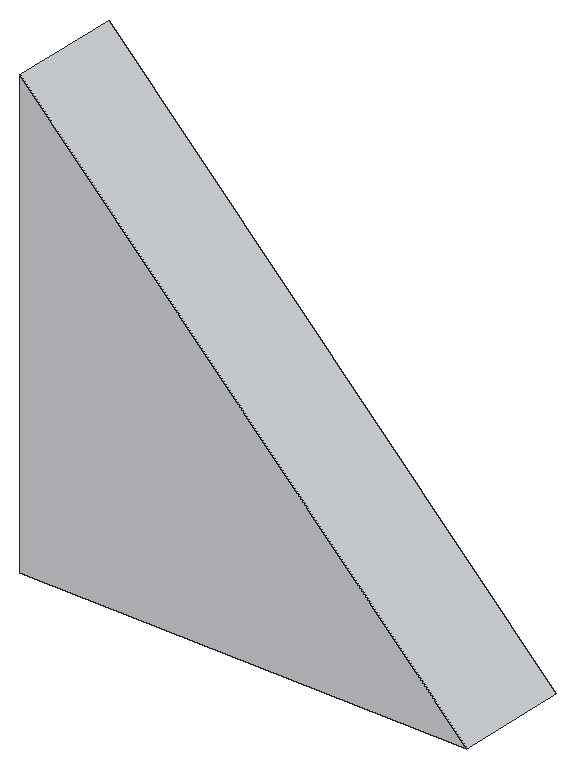
Revit family "FK032-12X12X3", category Furniture Systems, Revit 2019
Family settings
  Round Connector Dimension = Use Diameter
  Part Type = Normal
  Work Plane-Based = No
  Always vertical = Yes
  Cut with Voids When Loaded = No
  Shared = No
  Room Calculation Point = No
Parameters
  URL = "https://fomcore.com/"
  Seat Fabric = none
  Model = "FK032-12X12X3"
  Manufacturer = "FOMCORE"
  Description = "Lotus Series - Triangle Flame"
Reference planes (in)
  plane 1 "Center F/B": y = 0
  plane 2: z = 0
  plane 3 "Center L/R": x = 0
  plane 4: x = 6
  plane 5: x = -6
  plane 6: y = -1.5
  plane 7: y = 1.5
Forms (in)
  Extrusion 1, solid, material <- "Seat Fabric"
    sketch origin (0, 0, 0) x (1, 0, 0) y (0, 0, 1)
      loop
        line (-6, 0) -> (6, 0) -> (-6, 12) -> (-6, 0)
    from 1.5 to -1.5
Dimensions and locks (in)
  plane 5 to plane 4 = 1' - 0"
  plane 7 to plane 6 = 0' - 3"
  aligned and locked: level to plane 2
